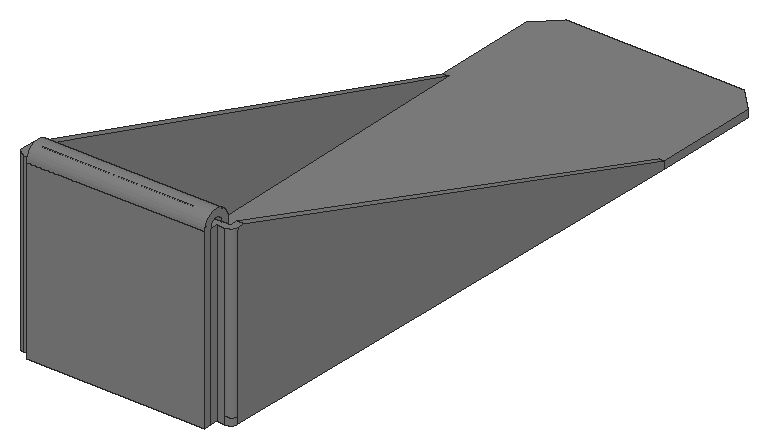
Revit family "Holdown-Simpson_Strong_Tie-HD3B-3D", category Structural Connections, host Face, Revit 2021
Family settings
  Host = Face
  Material for Model Behavior = Other
  OmniClass Number = 23.20.40.11.24.14
  OmniClass Title = Wood Connectors
  Enable cutting in views = No
  Cut with Voids When Loaded = No
  Shared = No
Parameters (values of type "EFHoldown_Simpson")
  Width = 2 1/2"
  URL = "http://www.strongtie.com"
  Type Comments = "Holdowns"  # constant formula
  SPF/HF_Allowable Loads_Tension_160 = "Use Type Catalog"
  Standoff = 3/8"
  Model ID = "F5B11FDA-1746-43F5-A424-0BA0717E0649"  # constant formula
  Is Void = yes
  Bolt Spacing = 2 1/2"
  Provide Feedback = "http://www.strongtie.com/drawings/revit_request.asp"
  Product Material = Steel - Simpson - Galvanized
  Product Documentation Link = "http://www.strongtie.com/products/connectors/HDB-HD.asp"
  Part Number = Model  # "Use Type Catalog"
  Part Description = Description  # "Holdowns"
  Original Creation Date = "May 02, 2013"  # constant formula
  Model Disclaimer = "Contact Simpson Strong-Tie Company Inc. for more information"  # constant formula
  Model = "Use Type Catalog"
  Minimum Wood Member Thickness = "Use Type Catalog"
  Manufacturer = "Simpson Strong-Tie Company Inc."  # constant formula
  Keynote = ""
  Height = 8 5/8"
  Height of Bolt = 4 3/4"
  Fasteners_Type = "Use Type Catalog"
  Fasteners_Quantity = 0
  Family Version = "1.0.0"  # constant formula
  Equipment Number [instance] = ""
  Equipment Abbreviation = "Use Type Catalog"
  Description = "Holdowns"  # constant formula
  Depth = 2 1/4"
  Deflection at Highest_Allowable Load = "Use Type Catalog"
  Default Elevation = 0"
  Date Last Modified = "May 09, 2013"  # constant formula
  DF/SP_Allowable Loads_Tension_160 = "Use Type Catalog"
  Copyright = "Copyright © Simpson Strong-Tie Company Inc."  # constant formula
  Code Reference = "Use Type Catalog"
  Body Gauge = 0
  Anchor Centerline = 2.63364"
  Anchor Bolt Dia. = 0"
Reference planes (in)
  plane 1 "Center (Front/Back)": y = 0
  plane 2: z = 0
  plane 3 "Center (Left/Right)": x = 0
  plane 4 "top1": y = 8.25
  plane 5 "top4": y = 6.625
  plane 6 "left1": x = -1.41992
  plane 7 "left4": x = -1.13807
  plane 8 "left3": x = -1.25
  plane 9 "bottom4": y = -0.09375
  plane 10 "bottom3": y = -0.1875
  plane 11 "bottom2": y = -0.28125
  plane 12 "bottom1": y = -0.375
  plane 13 "left2": x = -1.34375
  plane 14 "right1": x = 1.41992
  plane 15 "right4": x = 1.13807
  plane 16 "right3": x = 1.25
  plane 17 "right2": x = 1.34375
  plane 18 "2": z = 0.09375
  plane 19 "1": z = 2.25
  plane 20 "top2": y = 7.96875
  plane 21 "top3": y = 6.875
  plane 22: y = 4.375
Forms (in)
  Extrusion 1, solid, material "Steel - Simpson - Galvanized" <- "Product Material", detail levels medium+fine
    sketch origin (0, 0, 1.695) x (1, 0, 0) y (0, 1, 0)
      loop
        line (1.13807, -0.28125) -> (1.13807, -0.1875) -> (-1.25, -0.1875) -> (-1.34375, 6.625) -> (-1.41992, 6.625) -> (-1.34372, -0.18975)
        arc (-1.34372, -0.18975) -> (-1.31549, -0.25458) -> (-1.25, -0.28125) r 0.09375
        line (-1.25, -0.28125) -> (1.13807, -0.28125)
    from -1.695 to 0.555
  Extrusion 2, solid, material "Steel - Simpson - Galvanized" <- "Product Material", detail levels medium+fine
    sketch origin (0, 0, 1.695) x (1, 0, 0) y (0, 1, 0)
      loop
        line (1.41992, 6.625) -> (1.34375, 6.625) -> (1.25, -0.09375) -> (-1.13807, -0.09375) -> (-1.13807, -0.1875) -> (1.25, -0.1875)
        arc (1.25, -0.1875) -> (1.31629, -0.16004) -> (1.34375, -0.09375) r 0.09375
        line (1.34375, -0.09375) -> (1.41992, 6.625)
    from -1.695 to 0.555
  Extrusion 3, solid, material "Steel - Simpson - Galvanized" <- "Product Material", detail levels medium+fine
    sketch origin (-1.62237, 0, 0) x (0, 1, 0) y (0, 0, 1)
      loop
        line (-0.375, 2.25) -> (-0.375, 0) -> (-0.28125, 0) -> (-0.28125, 2.25)
        arc (-0.28125, 2.25) -> (-0.1875, 2.34375) -> (-0.09375, 2.25) r 0.09375
        line (-0.09375, 2.25) -> (-0.09375, 0.09375) -> (0, 0.09375) -> (0, 2.25)
        arc (0, 2.25) -> (-0.1875, 2.4375) -> (-0.375, 2.25) r 0.1875
    from 0.4843 to 2.76044
  Extrusion 4, solid, material "Steel - Simpson - Galvanized" <- "Product Material", detail levels medium+fine
    sketch origin (0, 0, 1.695) x (1, 0, 0) y (0, 1, 0)
      loop
        line (1.13807, 8.25) -> (-1.13807, 8.25) -> (-1.41992, 7.96875) -> (-1.41992, 6.625) -> (-1.34375, -0.1875) -> (1.25, -0.1875)
        arc (1.25, -0.1875) -> (1.31629, -0.16004) -> (1.34375, -0.09375) r 0.09375
        line (1.34375, -0.09375) -> (1.41992, 6.625) -> (1.41992, 7.96815) -> (1.13807, 8.25)
    from -1.695 to -1.60125
  Extrusion 5, void
    sketch origin (-1.62237, 0, 0) x (0, 1, 0) y (0, 0, 1)
      loop
        line (6.625, 2.25) -> (0, 2.25) -> (6.625, 0.09375) -> (6.625, 2.25)
    from -0.24813 to 3.50667
Cuts and joins
  Extrusion 5 cuts Extrusion 1
  Extrusion 5 cuts Extrusion 2
  Extrusion 5 cuts Extrusion 4
  joined: Extrusion 1, Extrusion 2, Extrusion 4
Lines and regions (in)
  Masking region 1, detail levels medium+fine
    outline origin (0, 0, 0.09375) x (0, 1, 0) y (-1, 0, 0)
      loop
        arc (-0.1875, -1.25) -> (-0.16004, -1.31629) -> (-0.09375, -1.34375) r 0.09375
        line (-0.09375, -1.34375) -> (6.625, -1.41992) -> (7.96815, -1.41992) -> (8.25, -1.13807) -> (8.25, 1.13807) -> (7.96875, 1.41992) -> (6.625, 1.41992) -> (-0.18975, 1.34372)
        arc (-0.18975, 1.34372) -> (-0.25458, 1.31549) -> (-0.28125, 1.25) r 0.09375
        line (-0.28125, 1.25) -> (-0.28125, 1.13807) -> (-0.375, 1.13807) -> (-0.375, -1.13807) -> (-0.1875, -1.13807) -> (-0.1875, -1.25)
      loop
        circle (6.875, 0) r 0.34375
      loop
        circle (4.375, 0) r 0.34375
  Masking region 2, detail levels medium+fine
    outline origin (0, 0, 2.25) x (0, 1, 0) y (-1, 0, 0)
      loop
        line (6.625, -1.34375) -> (-0.09375, -1.25) -> (-0.09375, -1.13807) -> (0, -1.13807) -> (0, 1.13807) -> (-0.1875, 1.13807) -> (-0.1875, 1.25) -> (6.625, 1.34375) -> (6.625, 1.41992) -> (-0.18746, 1.34375)
        arc (-0.18746, 1.34375) -> (-0.25375, 1.31629) -> (-0.28121, 1.24999) r 0.09376
        line (-0.28121, 1.24999) -> (-0.28121, 1.13807) -> (-0.375, 1.13807) -> (-0.375, -1.13807) -> (-0.125, -1.13807) -> (-0.125, -1.34375) -> (6.625, -1.41992) -> (6.625, -1.34375)
  Masking region 3, detail levels medium+fine
    outline origin (1.41992, 0, 0) x (0, 1, 0) y (0, 0, 1)
      loop
        line (6.625, 0.09375) -> (-0.375, 2.37205) -> (-0.375, 0) -> (8.25, 0) -> (8.25, 0.09375) -> (6.625, 0.09375)
  Masking region 4, detail levels medium+fine
    outline origin (-1.41992, 0, 0) x (0, 1, 0) y (0, 0, 1)
      loop
        arc (0, 2.25) -> (-0.1875, 2.4375) -> (-0.375, 2.25) r 0.1875
        line (-0.375, 2.25) -> (-0.375, 0) -> (8.25, 0) -> (8.25, 0.09375) -> (6.625, 0.09375) -> (0, 2.25)
  Masking region 5, detail levels medium+fine
    outline origin (0, 8.25, 0) x (1, 0, 0) y (0, 0, 1)
      loop
        line (1.34481, 2.25) -> (1.25131, 2.25) -> (1.34375, 0.09375) -> (-1.34375, 0.09375) -> (-1.25258, 2.25) -> (-1.34584, 2.25) -> (-1.41992, 0.09375) -> (-1.41992, 0) -> (1.41992, 0) -> (1.41992, 0.09375) -> (1.34481, 2.25)
  symbolic lines, detail levels medium+fine
    curve 1: line (1.13807, 8.25, 0.09375) -> (-1.13807, 8.25, 0.09375)
    curve 2: line (-1.13807, 8.25, 0.09375) -> (-1.41992, 7.96875, 0.09375)
    curve 3: line (-1.41992, 7.96875, 0.09375) -> (-1.41992, 6.625, 0.09375)
    curve 4: line (1.41992, 6.625, 0.09375) -> (1.41992, 7.96815, 0.09375)
    curve 5: line (1.41992, 7.96815, 0.09375) -> (1.13807, 8.25, 0.09375)
    curve 6: line (1.34375, -0.09375, 0.09375) -> (1.41992, 6.625, 0.09375)
    curve 7: line (1.34375, 6.625, 0.09375) -> (1.25, -0.09375, 0.09375)
    curve 8: line (-1.25, -0.1875, 0.09375) -> (-1.34375, 6.625, 0.09375)
    curve 9: line (-1.41992, 6.625, 0.09375) -> (-1.34372, -0.18975, 0.09375)
    curve 10: line (-1.34375, 6.625, 0.09375) -> (-1.41992, 6.625, 0.09375)
    curve 11: line (1.34375, 6.625, 0.09375) -> (1.41992, 6.625, 0.09375)
    curve 12: line (1.34481, 0, 0.09375) -> (1.25131, 0, 0.09375)
    curve 13: arc (1.25, -0.1875, 0.09375) -> (1.31629, -0.16004, 0.09375) -> (1.34375, -0.09375, 0.09375) r 0.09375
    curve 14: line (-1.25, -0.1875, 0.09375) -> (-1.13807, -0.1875, 0.09375)
    curve 15: line (1.25, -0.09375, 0.09375) -> (1.13807, -0.09375, 0.09375)
    curve 16: line (-1.25258, 0, 0.09375) -> (-1.34584, 0, 0.09375)
    curve 17: arc (-1.34372, -0.18975, 0.09375) -> (-1.31549, -0.25458, 0.09375) -> (-1.25, -0.28125, 0.09375) r 0.09375
    curve 18: line (-1.25, -0.28125, 0.09375) -> (-1.13807, -0.28125, 0.09375)
    curve 19: line (1.13807, -0.1875, 0.09375) -> (1.25, -0.1875, 0.09375)
    curve 20: line (-1.13807, 0, 0.09375) -> (-1.13807, -0.375, 0.09375)
    curve 21: line (-1.13807, -0.375, 0.09375) -> (1.13807, -0.375, 0.09375)
    curve 22: line (1.13807, 0, 0.09375) -> (-1.13807, 0, 0.09375)
    curve 23: line (1.13807, -0.375, 0.09375) -> (1.13807, 0, 0.09375)
    curve 24: line (0, 8.25, 0) -> (0, 8.25, 0.09375)
    curve 25: line (0, 7.96815, 0) -> (0, 7.96815, 0.09375)
    curve 26: line (0, 6.625, 0) -> (0, 6.625, 0.09375)
    curve 27: line (0, -0.1875, 0) -> (0, -0.1875, 2.25)
    curve 28: line (0, -0.28125, 0) -> (0, -0.28125, 2.25)
    curve 29: line (0, -0.375, 2.25) -> (0, -0.375, 0)
    curve 30: line (0, 0, 2.25) -> (0, -0.28125, 2.25)
    curve 31: arc (0, -0.28125, 2.25) -> (0, -0.1875, 2.34375) -> (0, -0.09375, 2.25) r 0.09375
    curve 32: arc (0, 0, 2.25) -> (0, -0.1875, 2.4375) -> (0, -0.375, 2.25) r 0.1875
    curve 33: line (0, 0, 2.25) -> (0, 6.625, 0.09375)
    curve 34: line (0, -0.375, 0) -> (0, 8.25, 0)
    curve 35: line (0, 8.25, 0.09375) -> (0, 6.625, 0.09375)
    curve 36: line (-1.13807, 0, 2.4375) -> (-1.13807, 0, 0)
    curve 37: line (1.13807, 0, 0) -> (1.13807, 0, 2.4375)
    curve 38: line (1.34481, 0, 2.25) -> (1.13807, 0, 2.25)
    curve 39: line (-1.13807, 0, 2.25) -> (-1.34584, 0, 2.25)
    curve 40: line (1.34375, 0, 0.09375) -> (-1.34375, 0, 0.09375)
    curve 41: line (-1.41992, 0, 0) -> (1.41992, 0, 0)
    curve 42: line (1.41992, 0, 0) -> (1.41992, 0, 0.09375)
    curve 43: line (-1.41992, 0, 0.09375) -> (-1.41992, 0, 0)
    curve 44: line (1.41992, 0, 0.09375) -> (1.34481, 0, 2.25)
    curve 45: line (1.25131, 0, 2.25) -> (1.34375, 0, 0.09375)
    curve 46: line (-1.34584, 0, 2.25) -> (-1.41992, 0, 0.09375)
    curve 47: line (-1.34375, 0, 0.09375) -> (-1.25258, 0, 2.25)
    curve 48: line (-1.13807, 0, 2.4375) -> (1.13807, 0, 2.4375)
    curve 49: line (1.25, 0, 0.09375) -> (1.25, 0, 2.25)
    curve 50: line (-1.25, 0, 0.09375) -> (-1.25, 0, 2.25)
    curve 59: arc (0.3125, 8.25, 1.17187) -> (0, 8.25, 1.48437) -> (-0.3125, 8.25, 1.17187) r 0.3125
    curve 60: arc (-0.3125, 8.25, 1.17187) -> (0, 8.25, 0.85937) -> (0.3125, 8.25, 1.17187) r 0.3125
  model lines, style "Holdown", detail levels fine
    curve 51: line (0, 7.21875, 0.09375) -> (0, 6.53125, 0.09375)
    curve 52: line (-0.34375, 6.875, 0.09375) -> (0.34375, 6.875, 0.09375)
    curve 53: line (0, 4.71875, 0.09375) -> (0, 4.03125, 0.09375)
    curve 54: line (-0.34375, 4.375, 0.09375) -> (0.34375, 4.375, 0.09375)
  model lines, style "Holdown", detail levels medium+fine
    curve 55: arc (0.3125, 0, 1.17187) -> (0, 0, 1.48437) -> (-0.3125, 0, 1.17187) r 0.3125
    curve 56: arc (-0.3125, 0, 1.17187) -> (0, 0, 0.85937) -> (0.3125, 0, 1.17187) r 0.3125
  model lines, style "InvisibleLines", detail levels medium+fine
    curve 57: line (0, 0, 0.85937) -> (0, 0, 1.48437)
    curve 58: line (-0.3125, 0, 1.17187) -> (0.3125, 0, 1.17187)
Dimensions and locks (in)
  "Height": plane 12 "bottom1" to plane 4 "top1"
  plane 6 "left1" to plane 13 "left2" to plane 8 "left3" to plane 7 "left4" = 0.07617" locked, 3/32" locked, 0.11193" locked
  plane 15 "right4" to plane 16 "right3" to plane 17 "right2" to plane 14 "right1" = 0.11193" locked, 3/32" locked, 0.07617" locked
  plane 12 "bottom1" to plane 11 "bottom2" to plane 10 "bottom3" to plane 9 "bottom4" to plane 1 "Center (Front/Back)" = 3/32" locked, 3/32" locked, 3/32" locked, 3/32" locked
  "Width": plane 8 "left3" to plane 16 "right3"
  equal spacing: plane 8 "left3", plane 3 "Center (Left/Right)", plane 16 "right3"
  locked: Extrusion 4 sketch curve to plane 14 "right1" at 0.28185
  "Depth": plane 19 "1" to plane 2
  plane 5 "top4" to plane 20 "top2" to plane 4 "top1" = 1 11/32" locked, 9/32" locked
  "Height of Bolt": plane 12 "bottom1" to plane 22
  "Bolt Spacing": plane 22 to plane 21 "top3"
  locked: plane 18 "2" to plane 2 at 0.09375
  aligned and locked: plane 2 to host face
  aligned and locked: level to host face
  aligned and locked: plane 11 "bottom2" to Extrusion 1 sketch curve
  aligned and locked: plane 10 "bottom3" to Extrusion 1 sketch curve
  aligned and locked: Extrusion 1 sketch curve to plane 5 "top4"
  aligned and locked: plane 6 "left1" to Extrusion 1 sketch curve
  aligned and locked: plane 13 "left2" to Extrusion 1 sketch curve
  aligned and locked: plane 8 "left3" to Extrusion 1 sketch curve
  aligned and locked: plane 5 "top4" to Extrusion 2 sketch curve
  aligned and locked: plane 17 "right2" to Extrusion 2 sketch curve
  aligned and locked: plane 14 "right1" to Extrusion 2 sketch curve
  aligned and locked: plane 16 "right3" to Extrusion 2 sketch curve  (x2)
  aligned and locked: plane 9 "bottom4" to Extrusion 2 sketch curve  (x2)
  aligned and locked: Extrusion 2 sketch curve to plane 10 "bottom3"
  aligned and locked: Extrusion 2 to plane 2
  aligned and locked: Extrusion 1 to plane 2
  aligned and locked: plane 12 "bottom1" to Extrusion 3 sketch curve
  aligned and locked: plane 11 "bottom2" to Extrusion 3 sketch curve
  aligned and locked: plane 9 "bottom4" to Extrusion 3 sketch curve
  aligned and locked: plane 1 "Center (Front/Back)" to Extrusion 3 sketch curve
  aligned and locked: plane 7 "left4" to Extrusion 3
  aligned and locked: plane 15 "right4" to Extrusion 3
  aligned and locked: Extrusion 2 sketch curve to plane 7 "left4"
  aligned and locked: Extrusion 1 sketch curve to plane 15 "right4"
  aligned and locked: Extrusion 3 sketch curve to plane 18 "2"
  aligned and locked: plane 4 "top1" to Extrusion 4 sketch curve
  aligned and locked: Extrusion 4 sketch curve to plane 14 "right1"
  aligned and locked: plane 6 "left1" to Extrusion 4 sketch curve  (x2)
  aligned and locked: Extrusion 4 sketch curve to plane 10 "bottom3"
  aligned and locked: plane 16 "right3" to Extrusion 4 sketch curve
  aligned and locked: plane 14 "right1" to Extrusion 4 sketch curve
  aligned and locked: plane 9 "bottom4" to Extrusion 4 sketch curve
  aligned and locked: plane 18 "2" to Extrusion 4
  aligned and locked: Extrusion 4 to plane 2
  aligned and locked: plane 5 "top4" to Extrusion 5 sketch curve
  aligned and locked: plane 19 "1" to Extrusion 5 sketch curve
  aligned and locked: plane 1 "Center (Front/Back)" to Extrusion 5 sketch curve
  aligned and locked: plane 18 "2" to Extrusion 5 sketch curve
  aligned and locked: plane 20 "top2" to Extrusion 4 sketch curve
  aligned and locked: plane 7 "left4" to Extrusion 4 sketch curve
  aligned and locked: plane 19 "1" to cut or joined group of Extrusion 1, Extrusion 2, Extrusion 4, Extrusion 5
  aligned and locked: curve 8 to cut or joined group of Extrusion 1, Extrusion 2, Extrusion 4, Extrusion 5
  aligned and locked: curve 9 to cut or joined group of Extrusion 1, Extrusion 2, Extrusion 4, Extrusion 5
  aligned and locked: curve 10 to cut or joined group of Extrusion 1, Extrusion 2, Extrusion 4, Extrusion 5
  aligned and locked: cut or joined group of Extrusion 1, Extrusion 2, Extrusion 4, Extrusion 5 to curve 16
  aligned and locked: curve 17 to cut or joined group of Extrusion 1, Extrusion 2, Extrusion 4, Extrusion 5
  aligned and locked: curve 18 to cut or joined group of Extrusion 1, Extrusion 2, Extrusion 4, Extrusion 5
  aligned and locked: Masking region 1 sketch curve to curve 13
  aligned and locked: Masking region 1 sketch curve to curve 6
  aligned and locked: Masking region 1 sketch curve to curve 4
  aligned and locked: Masking region 1 sketch curve to curve 5
  aligned and locked: Masking region 1 sketch curve to curve 1
  aligned and locked: Masking region 1 sketch curve to curve 2
  aligned and locked: Masking region 1 sketch curve to curve 3
  aligned and locked: Masking region 1 sketch curve to curve 9
  aligned and locked: Masking region 1 sketch curve to curve 17
  aligned and locked: Masking region 1 sketch curve to curve 21
  aligned and locked: Masking region 2 sketch curve to curve 11
  aligned and locked: Masking region 2 sketch curve to curve 21
  aligned and locked: Masking region 2 sketch curve to cut or joined group of Extrusion 1, Extrusion 2, Extrusion 4, Extrusion 5  (x3)
  aligned and locked: cut or joined group of Extrusion 1, Extrusion 2, Extrusion 4, Extrusion 5 to Masking region 2 sketch curve
  aligned and locked: curve 26 to cut or joined group of Extrusion 1, Extrusion 2, Extrusion 4, Extrusion 5
  aligned and locked: curve 27 to cut or joined group of Extrusion 1, Extrusion 2, Extrusion 4, Extrusion 5
  aligned and locked: Masking region 4 sketch curve to cut or joined group of Extrusion 1, Extrusion 2, Extrusion 4, Extrusion 5
  aligned and locked: cut or joined group of Extrusion 1, Extrusion 2, Extrusion 4, Extrusion 5 to curve 39
  aligned and locked: curve 46 to cut or joined group of Extrusion 1, Extrusion 2, Extrusion 4, Extrusion 5
  aligned and locked: curve 47 to cut or joined group of Extrusion 1, Extrusion 2, Extrusion 4, Extrusion 5
  aligned and locked: cut or joined group of Extrusion 1, Extrusion 2, Extrusion 4, Extrusion 5 to curve 50
  aligned and locked: Masking region 5 sketch curve to curve 44
  aligned and locked: Masking region 5 sketch curve to curve 45
  aligned and locked: Masking region 5 sketch curve to curve 46
  aligned and locked: Masking region 5 sketch curve to curve 47
  aligned and locked: cut or joined group of Extrusion 1, Extrusion 2, Extrusion 4, Extrusion 5 to Masking region 5 sketch curve
  aligned and locked: Masking region 5 sketch curve to curve 40
  aligned and locked: plane 21 "top3" to Masking region 1 sketch curve
  aligned and locked: plane 22 to Masking region 1 sketch curve
  aligned and locked: plane 3 "Center (Left/Right)" to Masking region 1 sketch curve  (x2)
Automatic sketch dimensions
  host sketch curve to host sketch curve = 4.25229"
  host sketch curve to host sketch curve = 9.94479"
  curve 31 to curve 32 = 0"  (x2)
  curve 29 to plane 12 "bottom1" = 0"
  curve 30 to plane 11 "bottom2" = 0"
  curve 27 to level = 0"
  curve 27 to plane 10 "bottom3" = 0"
  curve 31 to plane 10 "bottom3" = 0"
  curve 33 to plane 5 "top4" = 0"
  curve 25 to plane 18 "2" = 0"
  curve 34 to plane 4 "top1" = 0"
  curve 31 to plane 19 "1" = 0"
  plane 20 "top2" to curve 25 = 0.0006"
  curve 43 to level = 0"
  curve 43 to plane 6 "left1" = 0"
  curve 46 to plane 19 "1" = 0"
  plane 13 "left2" to curve 40 = 0"
  plane 7 "left4" to curve 36 = 0"
  curve 48 to plane 15 "right4" = 0"
  plane 14 "right1" to curve 42 = 0"
  curve 50 to plane 18 "2" = 0"
  plane 19 "1" to curve 48 = 3/16"
  Extrusion 1 sketch curve to plane 8 "left3" = 0"
  plane 10 "bottom3" to Extrusion 1 sketch curve = 0"
  Extrusion 1 sketch curve to plane 13 "left2" = 0.00003"
  Extrusion 3 sketch curve to Extrusion 3 sketch curve = 0"
  Extrusion 3 sketch curve to plane 19 "1" = 0"
  Extrusion 4 sketch curve to plane 13 "left2" = 0"
  plane 5 "top4" to Extrusion 4 sketch curve = 0"  (x2)
  plane 4 "top1" to Extrusion 4 sketch curve = 0"
  plane 20 "top2" to Extrusion 4 sketch curve = 0.0006"
  plane 12 "bottom1" to curve 23 = 0"
  curve 18 to plane 8 "left3" = 0"
  plane 11 "bottom2" to curve 18 = 0"
  curve 14 to plane 8 "left3" = 0"
  plane 10 "bottom3" to curve 14 = 0"
  plane 10 "bottom3" to curve 13 = 0"
  plane 10 "bottom3" to curve 17 = 0"
  plane 9 "bottom4" to curve 7 = 0"
  plane 9 "bottom4" to curve 6 = 0"
  plane 1 "Center (Front/Back)" to curve 12 = 0"
  plane 1 "Center (Front/Back)" to curve 23 = 0"
  plane 1 "Center (Front/Back)" to curve 16 = 0"
  curve 53 to plane 3 "Center (Left/Right)" = 0"
  plane 22 to curve 54 = 0"
  curve 51 to plane 3 "Center (Left/Right)" = 0"
  plane 5 "top4" to curve 10 = 0"
  plane 5 "top4" to curve 11 = 0"
  plane 21 "top3" to curve 52 = 0"
  curve 4 to plane 14 "right1" = 0"
  curve 3 to plane 6 "left1" = 0"
  plane 20 "top2" to curve 3 = 0"
  plane 4 "top1" to curve 2 = 0"
  curve 6 to plane 17 "right2" = 0"
  curve 7 to plane 17 "right2" = 0"
  curve 7 to plane 16 "right3" = 0"
  curve 15 to plane 15 "right4" = 0"
  curve 1 to plane 7 "left4" = 0"
  curve 20 to plane 7 "left4" = 0"
  curve 10 to plane 13 "left2" = 0"
  curve 9 to plane 13 "left2" = 0.00003"
  plane 22 to curve 53 = 11/32"
  curve 53 to plane 22 = 11/32"
  plane 5 "top4" to curve 51 = 3/32"
  curve 51 to plane 21 "top3" = 11/32"
  plane 20 "top2" to curve 4 = 0.0006"
  curve 1 to plane 15 "right4" = 0"
  plane 3 "Center (Left/Right)" to curve 52 = 11/32"
  plane 3 "Center (Left/Right)" to curve 54 = 11/32"
  curve 52 to plane 3 "Center (Left/Right)" = 11/32"
  curve 54 to plane 3 "Center (Left/Right)" = 11/32"
  Masking region 1 sketch curve to plane 15 "right4" = 0"
  Masking region 1 sketch curve to plane 7 "left4" = 0"
  plane 3 "Center (Left/Right)" to Masking region 1 sketch curve = 11/32"  (x2)
  Masking region 2 sketch curve to plane 7 "left4" = 0"  (x2)
  plane 1 "Center (Front/Back)" to Masking region 2 sketch curve = 0"
  Masking region 2 sketch curve to plane 15 "right4" = 0"  (x2)
  Masking region 2 sketch curve to plane 11 "bottom2" = 0.00004"
  Masking region 2 sketch curve to plane 13 "left2" = 0"
  Masking region 3 sketch curve to plane 12 "bottom1" = 0"  (x2)
  Masking region 3 sketch curve to Masking region 3 sketch curve = 0"
  Masking region 4 sketch curve to plane 12 "bottom1" = 0"
  Masking region 4 sketch curve to plane 10 "bottom3" = 0"
  curve 57 to Extrusion 3 = 49/64"
  curve 57 to curve 55 = 5/16"
  Extrusion 3 to curve 56 = 0.82557"
  curve 55 to curve 57 = 0"
  curve 59 to curve 60 = 0"  (x2)
  curve 60 to plane 3 "Center (Left/Right)" = 0"
  curve 59 to curve 59 = 5/16"
  plane 18 "2" to curve 59 = 1 5/64"
  curve 49 to plane 16 "right3" = 0"
  Masking region 3 sketch curve to plane 5 "top4" = 0"
  Masking region 3 sketch curve to plane 4 "top1" = 0"
  Masking region 4 sketch curve to plane 5 "top4" = 0"
  Masking region 4 sketch curve to plane 4 "top1" = 0"
  Masking region 5 sketch curve to plane 6 "left1" = 0"
  plane 14 "right1" to Masking region 5 sketch curve = 0"
  curve 45 to plane 19 "1" = 0"
  curve 45 to plane 17 "right2" = 0"
  curve 44 to plane 18 "2" = 0"
  curve 49 to curve 45 = 0.00131"
  plane 17 "right2" to curve 44 = 0.00106"
  Extrusion 3 sketch curve to level = 0"
  Masking region 2 sketch curve to plane 10 "bottom3" = 1/16"
  plane 9 "bottom4" to Masking region 2 sketch curve = 0"
  Masking region 2 sketch curve to plane 14 "right1" = 0"
  Masking region 2 sketch curve to plane 17 "right2" = 0"  (x3)
  Masking region 2 sketch curve to plane 16 "right3" = 0"
  Masking region 3 sketch curve to level = 0"
  Masking region 3 sketch curve to plane 18 "2" = 0"
  plane 19 "1" to Masking region 3 sketch curve = 0.12205"
  Masking region 4 sketch curve to level = 0"
  Masking region 5 sketch curve to plane 19 "1" = 0"
  Masking region 5 sketch curve to level = 0"
  Masking region 2 sketch curve to Masking region 2 sketch curve = 0"
